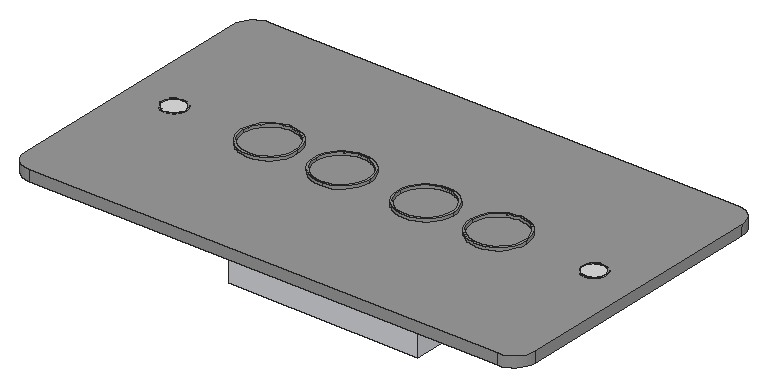
Revit family "ElectricalFixture_WiringAccessories_Hager_Sollysta_FlatSwitchDimmers", category Lighting Fixtures, host Face, Revit 2015
Parameters (values of type "WFDS4BS")
  Warranty ID = ""
  Voltage (Volts) = "230V/240V"
  Unique Reference = "WFDS4BS"
  Type = "ElectricalFixture"
  Technical Description = Description  # "4GangDimmerSwitch250WBrushedSteel"
  Switch = no
  Supply Phase = "1"
  Size = ""
  Shipping Weight kg = "0.188"
  Shape = "Rectangular"
  Reference Standard = "BS 1363-2"
  Product URL = "http://www.hager.co.uk/product-catalogue/wiring-accessories/sollysta/white-moulded/white-moulded-sockets/58428.htm"
  Product Range = "Sollysta"
  Product Model Number = "WFDS4BS"
  Product Literature = "http://www.hager.co.uk/product-catalogue/wiring-accessories/sollysta/38662.htm"
  Product Group = "WiringAccessories"
  Product Family = "DecorativeDimmers_SwitchDimmers"
  Packaging Recyclable = yes
  Overall Width = 0.0 mm
  Overall Length = 146.0 mm
  Overall Height = 86.0 mm
  Overall Depth = 28.521 mm
  Operation and Maintenance Manual = ""
  Name = "DecorativeDimmers_WFD43BS"
  Measurement Units = "mm"
  Material = Hager_BrushedSteel
  Manufacturer Website = "http://www.hager.co.uk/"
  Manufacturer Country = "United Kingdom"
  Manufacturer = "Hager"
  LED Indicator Switch = no
  Gross Weight kg = "0.165"
  Frequency = "50/60Hz"
  Finish = "Brushed"
  Features = Description  # "4GangDimmerSwitch250WBrushedSteel"
  Extrusion From Wall = 3.0 mm  # constant formula
  Expected Life = "25 years"
  EAN Code = "5015654793050"
  Design Country = "China"
  Description = "4GangDimmerSwitch250WBrushedSteel"
  Default Elevation = 1219.2 mm
  Colour = "BrushedSteel"
  CE Approval = yes
  4 Gang = yes
  3 Gang = no
  2 Gang = yes
  1 Gang = no
Types (16, lengths in mm): name | Unique Reference | Technical Description | Product Model Number | Overall Length | Overall Depth | Name | Material | Finish | Features | EAN Code | Description | Colour | 4 Gang | 3 Gang | 2 Gang | 1 Gang
  WFDS1PS | "WFDS1PS" | "1GangDimmerSwitch400WPolishedSteel" | "WFDS1PS" | 86.0 | 28.521 | "DecorativeDimmers_WFDS1PS" | Hager_PolishedSteel | "Polished" | "1GangDimmerSwitch400WPolishedSteel" | "5015654793005" | "1GangDimmerSwitch400WPolishedSteel" | "PolishedSteel" | no | no | no | yes
  WFDS2PS | "WFDS2PS" | "2GangDimmerSwitch250WPolishedSteel" | "WFDS2PS" | 86.0 | 26.07 | "DecorativeDimmers_WFDS2PS" | Hager_PolishedSteel | "Polished" | "2GangDimmerSwitch250WPolishedSteel" | "5015654793029" | "2GangDimmerSwitch250WPolishedSteel" | "PolishedSteel" | no | no | yes | no
  WFDS1BS | "WFDS1BS" | "1GangDimmerSwitch400WBrushedSteel" | "WFDS1BS" | 86.0 | 28.521 | "DecorativeDimmers_WFDS1BS" | Hager_BrushedSteel | "Brushed" | "1GangDimmerSwitch400WBrushedSteel" | "5015654792992" | "1GangDimmerSwitch400WBrushedSteel" | "BrushedSteel" | no | no | no | yes
  WFDS1PB | "WFDS1PB" | "1GangDimmerSwitch400WPolishedBrass" | "WFDS1PB" | 86.0 | 28.521 | "DecorativeDimmers_WFDS1PB" | Hager_PolishedBrass | "Polished" | "1GangDimmerSwitch400WPolishedBrass" | "5015654740955" | "1GangDimmerSwitch400WPolishedBrass" | "PolishedBrass" | no | no | no | yes
  WFDS1BN | "WFDS1PS" | "1GangDimmerSwitch400WBlackNickel" | "WFDS1BN" | 86.0 | 28.521 | "DecorativeDimmers_WFDS1BN" | Hager_BlackNickel | "Polished" | "1GangDimmerSwitch400WBlackNickel" | "5015654740986" | "1GangDimmerSwitch400WBlackNickel" | "BlackNickel" | no | no | no | yes
  WFDS3BS | "WFDS3BS" | "3GangDimmerSwitch250WBrushedSteel" | "WFDS3BS" | 146.0 | 28.521 | "DecorativeDimmers_WFDS3BS" | Hager_BrushedSteel | "Brushed" | "3GangDimmerSwitch250WBrushedSteel" | "5015654793036" | "3GangDimmerSwitch250WBrushedSteel" | "BrushedSteel" | no | yes | no | yes
  WFDS2PB | "WFDS2PB" | "2GangDimmerSwitch250WPolishedBrass" | "WFDS1PB" | 86.0 | 28.521 | "DecorativeDimmers_WFDS2PB" | Hager_PolishedBrass | "Polished" | "2GangDimmerSwitch250WPolishedBrass" | "5015654741037" | "2GangDimmerSwitch250WPolishedBrass" | "PolishedBrass" | no | no | yes | no
  WFDS2BN | "WFDS1PS" | "2GangDimmerSwitch250WBlackNickel" | "WFDS2BN" | 86.0 | 28.521 | "DecorativeDimmers_WFDS2BN" | Hager_BlackNickel | "Polished" | "2GangDimmerSwitch250WBlackNickel" | "5015654741051" | "2GangDimmerSwitch250WBlackNickel" | "BlackNickel" | no | no | yes | no
  WFDS3PS | "WFDS2PS" | "3GangDimmerSwitch250WPolishedSteel" | "WFDS3PS" | 146.0 | 26.07 | "DecorativeDimmers_WFD32PS" | Hager_PolishedSteel | "Polished" | "3GangDimmerSwitch250WPolishedSteel" | "5015654793043" | "3GangDimmerSwitch250WPolishedSteel" | "PolishedSteel" | no | yes | no | yes
  WFDS2BS | "WFDS3BS" | "2GangDimmerSwitch250WBrushedSteel" | "WFDS2BS" | 86.0 | 28.521 | "DecorativeDimmers_WFDS2BS" | Hager_BrushedSteel | "Brushed" | "2GangDimmerSwitch250WBrushedSteel" | "5015654793036" | "2GangDimmerSwitch250WBrushedSteel" | "BrushedSteel" | no | no | yes | no
  WFDS3PB | "WFDS3PB" | "3GangDimmerSwitch250WPolishedBrass" | "WFDS3PB" | 146.0 | 28.521 | "DecorativeDimmers_WFDS3PB" | Hager_PolishedBrass | "Polished" | "3GangDimmerSwitch250WPolishedBrass" | "5015654741112" | "3GangDimmerSwitch250WPolishedBrass" | "PolishedBrass" | no | yes | no | yes
  WFDS3BN | "WFDS3PS" | "3GangDimmerSwitch250WBlackNickel" | "WFDS3BN" | 146.0 | 28.521 | "DecorativeDimmers_WFDS3BN" | Hager_BlackNickel | "Polished" | "3GangDimmerSwitch250WBlackNickel" | "5015654741136" | "3GangDimmerSwitch250WBlackNickel" | "BlackNickel" | no | yes | no | yes
  WFDS4BN | "WFDS3PS" | "4GangDimmerSwitch250WBlackNickel" | "WFDS4BN" | 146.0 | 28.521 | "DecorativeDimmers_WFDS4BN" | Hager_BlackNickel | "Polished" | "4GangDimmerSwitch250WBlackNickel" | "5015654741211" | "4GangDimmerSwitch250WBlackNickel" | "BlackNickel" | yes | no | yes | no
  WFDS4PS | "WFDS4PS" | "4GangDimmerSwitch250WPolishedSteel" | "WFDS4PS" | 146.0 | 26.07 | "DecorativeDimmers_WFDS4PS" | Hager_PolishedSteel | "Polished" | "4GangDimmerSwitch250WPolishedSteel" | "5015654793067" | "4GangDimmerSwitch250WPolishedSteel" | "PolishedSteel" | yes | no | yes | no
  WFDS4PB | "WFDS3PB" | "4GangDimmerSwitch250WPolishedBrass" | "WFDS4PB" | 146.0 | 28.521 | "DecorativeDimmers_WFDS4PB" | Hager_PolishedBrass | "Polished" | "4GangDimmerSwitch250WPolishedBrass" | "5015654741198" | "4GangDimmerSwitch250WPolishedBrass" | "PolishedBrass" | yes | no | yes | no
  WFDS4BS | "WFDS4BS" | "4GangDimmerSwitch250WBrushedSteel" | "WFDS4BS" | 146.0 | 28.521 | "DecorativeDimmers_WFD43BS" | Hager_BrushedSteel | "Brushed" | "4GangDimmerSwitch250WBrushedSteel" | "5015654793050" | "4GangDimmerSwitch250WBrushedSteel" | "BrushedSteel" | yes | no | yes | no
Reference planes
  plane 1 "Center (Front/Back)": y = 0
  plane 2: z = 0
  plane 3 "Center (Left/Right)": x = 434
  plane 4: y = -43
  plane 5: y = 43
  plane 6: x = -137
  plane 7: x = 9
  plane 8: z = 3
  plane 9: z = -25.521
  plane 10: z = 3
  plane 11: y = -471.393
  plane 12: z = -20.53
  plane 13: x = -124.15
  plane 14: x = -3.85
  plane 15: x = -64
  plane 16: x = -100.5
  plane 17: x = -27.5
  plane 18: z = 3.764
Forms (mm)
  Extrusion 1, solid, material "Hager_BrushedSteel" <- "Material", detail levels fine
    sketch origin (0, 0, 0) x (1, 0, 0) y (0, 1, 0)
      loop
        arc (-137, -37.005) -> (-135.244, -41.244) -> (-131.005, -43) r 5.995
        line (-131.005, -43) -> (2.983, -43)
        arc (2.983, -43) -> (7.238, -41.238) -> (9, -36.983) r 6.017
        line (9, -36.983) -> (9, 37.035)
        arc (9, 37.035) -> (7.253, 41.253) -> (3.035, 43) r 5.965
        line (3.035, 43) -> (-131.018, 43)
        arc (-131.018, 43) -> (-135.248, 41.248) -> (-137, 37.018) r 5.982
        line (-137, 37.018) -> (-137, -37.005)
      loop
        circle (-124.15, 0) r 3.228
      loop
        circle (-3.85, 0) r 3.228
    from 0 to 3
  Extrusion 2, solid, material "Steel, Chrome Plated", detail levels fine
    sketch origin (0, 0, 0) x (1, 0, 0) y (0, 1, 0)
      loop
        circle (-124.15, 0) r 3.542
    from -1.167 to 3
  Extrusion 3, solid, material "Steel, Chrome Plated", detail levels fine
    sketch origin (0, 0, 0) x (-1, 0, 0) y (0, -1, 0)
      loop
        circle (3.85, 0) r 3.542
    from -1.167 to 3
  Extrusion 4, solid, material "Hager_BrushedSteel" <- "Material", detail levels medium
    sketch origin (0, 0, 0) x (1, 0, 0) y (0, 1, 0)
      loop
        line (-137, 43) -> (-137, -43) -> (9, -43) -> (9, 43) -> (-137, 43)
    from 0 to 3
  Extrusion 5, solid, material "Hager_BrushedSteel" <- "Material", detail levels medium
    sketch origin (0, 0, 0) x (1, 0, 0) y (0, 1, 0)
      loop
        line (-137, -43) -> (9, -43) -> (9, 43) -> (-137, 43) -> (-137, -43)
    from 0 to 3
  Extrusion 6, solid, material "Hager_BrushedSteel" <- "Material", visible <- "1 Gang", detail levels fine
    sketch origin (0, 0, 0) x (1, 0, 0) y (0, 1, 0)
      loop
        circle (-64, 0) r 8
      loop
        circle (-64, 0) r 7.5
    from 3 to 3.764
  Extrusion 7, solid, material "Hager_BrushedSteel" <- "Material", visible <- "2 Gang", detail levels fine
    sketch origin (-12, 0, 0) x (1, 0, 0) y (0, 1, 0)
      loop
        circle (-64, 0) r 8
      loop
        circle (-64, 0) r 7.5
    from 3 to 3.764
  Extrusion 8, solid, material "Hager_BrushedSteel" <- "Material", visible <- "2 Gang", detail levels fine
    sketch origin (12, 0, 0) x (1, 0, 0) y (0, 1, 0)
      loop
        circle (-64, 0) r 8
      loop
        circle (-64, 0) r 7.5
    from 3 to 3.764
  Extrusion 9, solid, material "Hager_BrushedSteel" <- "Material", visible <- "3 Gang", detail levels fine
    sketch origin (-36.034, 0, 0) x (1, 0, 0) y (0, 1, 0)
      loop
        circle (-64.466, 0) r 8
      loop
        circle (-64.466, 0) r 7.5
    from 3 to 3.764
  Extrusion 10, solid, material "Hager_BrushedSteel" <- "Material", visible <- "3 Gang", detail levels fine
    sketch origin (39.65, 0, 0) x (1, 0, 0) y (0, 1, 0)
      loop
        circle (-67.15, 0) r 8
      loop
        circle (-67.15, 0) r 7.5
    from 3 to 3.764
  Extrusion 11, solid, material "Hager_BrushedSteel" <- "Material", visible <- "4 Gang", detail levels fine
    sketch origin (36, 0, 0) x (1, 0, 0) y (0, 1, 0)
      loop
        circle (-67.15, 0) r 8
      loop
        circle (-67.15, 0) r 7.5
    from 3 to 3.764
  Extrusion 12, solid, material "Hager_BrushedSteel" <- "Material", visible <- "4 Gang", detail levels fine
    sketch origin (-160.384, 0, 0) x (-1, 0, 0) y (0, -1, 0)
      loop
        circle (-63.534, 0) r 8
      loop
        circle (-63.534, 0) r 7.5
    from 3 to 3.764
  Extrusion 13, solid
    sketch origin (0, 0, 0) x (1, 0, 0) y (0, 1, 0)
      loop
        line (-90.115, 22.025) -> (-90.115, -22.975) -> (-36, -22.975) -> (-36, 22.025) -> (-90.115, 22.025)
    from -20.53 to 0
Lines and regions (mm)
  model lines, detail levels coarse
    curve 1: line (-137, 43, 0) -> (9, 43, 0)
    curve 2: line (-137, -43, 0) -> (-137, 43, 0)
    curve 3: line (9, -43, 0) -> (-137, -43, 0)
    curve 4: line (9, 43, 0) -> (9, -43, 0)
    curve 5: arc (-120.108, 0, 0) -> (-124.15, -4.042, 0) -> (-128.192, 0, 0) r 4.042
    curve 6: arc (-128.192, 0, 0) -> (-124.15, 4.042, 0) -> (-120.108, 0, 0) r 4.042
    curve 7: arc (0.192, 0, 0) -> (-3.85, -4.042, 0) -> (-7.892, 0, 0) r 4.042
    curve 8: arc (-7.892, 0, 0) -> (-3.85, 4.042, 0) -> (0.192, 0, 0) r 4.042
  model lines, visible <- "3 Gang"
    curve 9: arc (-92.5, 0, 0) -> (-100.5, 8, 0) -> (-108.5, 0, 0) r 8
    curve 10: arc (-108, 0, 0) -> (-100.5, 7.5, 0) -> (-93, 0, 0) r 7.5
    curve 11: arc (-108.5, 0, 0) -> (-100.5, -8, 0) -> (-92.5, 0, 0) r 8
    curve 12: arc (-93, 0, 0) -> (-100.5, -7.5, 0) -> (-108, 0, 0) r 7.5
    curve 33: arc (-35.5, 0, 0) -> (-27.5, -8, 0) -> (-19.5, 0, 0) r 8
    curve 34: arc (-20, 0, 0) -> (-27.5, -7.5, 0) -> (-35, 0, 0) r 7.5
    curve 35: arc (-35, 0, 0) -> (-27.5, 7.5, 0) -> (-20, 0, 0) r 7.5
    curve 36: arc (-19.5, 0, 0) -> (-27.5, 8, 0) -> (-35.5, 0, 0) r 8
  model lines, visible <- "4 Gang"
    curve 13: arc (-104.85, 0, 0) -> (-96.85, -8, 0) -> (-88.85, 0, 0) r 8
    curve 14: arc (-89.35, 0, 0) -> (-96.85, -7.5, 0) -> (-104.35, 0, 0) r 7.5
    curve 15: arc (-104.35, 0, 0) -> (-96.85, 7.5, 0) -> (-89.35, 0, 0) r 7.5
    curve 16: arc (-88.85, 0, 0) -> (-96.85, 8, 0) -> (-104.85, 0, 0) r 8
    curve 29: arc (-38.65, 0, 0) -> (-31.15, 7.5, 0) -> (-23.65, 0, 0) r 7.5
    curve 30: arc (-23.15, 0, 0) -> (-31.15, 8, 0) -> (-39.15, 0, 0) r 8
    curve 31: arc (-39.15, 0, 0) -> (-31.15, -8, 0) -> (-23.15, 0, 0) r 8
    curve 32: arc (-23.65, 0, 0) -> (-31.15, -7.5, 0) -> (-38.65, 0, 0) r 7.5
  model lines, visible <- "2 Gang"
    curve 17: arc (-83.5, 0, 0) -> (-76, 7.5, 0) -> (-68.5, 0, 0) r 7.5
    curve 18: arc (-68, 0, 0) -> (-76, 8, 0) -> (-84, 0, 0) r 8
    curve 19: arc (-84, 0, 0) -> (-76, -8, 0) -> (-68, 0, 0) r 8
    curve 20: arc (-68.5, 0, 0) -> (-76, -7.5, 0) -> (-83.5, 0, 0) r 7.5
    curve 25: arc (-60, 0, 0) -> (-52, -8, 0) -> (-44, 0, 0) r 8
    curve 26: arc (-44.5, 0, 0) -> (-52, -7.5, 0) -> (-59.5, 0, 0) r 7.5
    curve 27: arc (-59.5, 0, 0) -> (-52, 7.5, 0) -> (-44.5, 0, 0) r 7.5
    curve 28: arc (-44, 0, 0) -> (-52, 8, 0) -> (-60, 0, 0) r 8
  model lines, visible <- "1 Gang"
    curve 21: arc (-72, 0, 0) -> (-64, -8, 0) -> (-56, 0, 0) r 8
    curve 22: arc (-56.5, 0, 0) -> (-64, -7.5, 0) -> (-71.5, 0, 0) r 7.5
    curve 23: arc (-71.5, 0, 0) -> (-64, 7.5, 0) -> (-56.5, 0, 0) r 7.5
    curve 24: arc (-56, 0, 0) -> (-64, 8, 0) -> (-72, 0, 0) r 8
  symbolic lines
    curve 37: circle (-73.006, -504.912, 52.266) r 16.513 normal (0, -1, 0)
    curve 38: line (-124.15, -504.912, 12.308) -> (-29.589, -504.912, 86.187)
    curve 39: line (-3.85, -504.912, 106.297) -> (-36.908, -504.912, 95.556)
    curve 40: line (-3.85, -504.912, 106.297) -> (-22.27, -504.912, 76.819)
    curve 41: line (-22.27, -504.912, 76.819) -> (-36.908, -504.912, 95.556)
Dimensions and locks
  plane 10 to plane 9 = 28.521 mm
  plane 8 to plane 9 = 28.521 mm
  plane 2 to plane 9 = 25.521 mm
  "Overall Length": plane 6 to plane 7
  "Overall Height": plane 4 to plane 5
  "Overall Depth": plane 9 to plane 8
  plane 2 to plane 10 = 3.0 mm
  locked: plane 6 to plane 13 at 12.85
  locked: plane 14 to plane 7 at 12.85
  equal spacing: plane 6, plane 16, plane 15, plane 17, plane 7
  "Extrusion From Wall": plane 10 to host face
  locked: plane 18 to plane 10 at 0.764
  aligned and locked: plane 2 to host face
  aligned and locked: level to host face
  aligned and locked: Extrusion 1 to plane 8
  aligned and locked: Extrusion 4 to plane 8
  aligned and locked: Extrusion 5 to level
  aligned and locked: curve 9 to Extrusion 9
  aligned and locked: curve 10 to Extrusion 9
  aligned and locked: curve 11 to Extrusion 9
  aligned and locked: curve 12 to Extrusion 9
  aligned and locked: curve 13 to Extrusion 12
  aligned and locked: curve 14 to Extrusion 12
  aligned and locked: curve 15 to Extrusion 12
  aligned and locked: curve 16 to Extrusion 12
  aligned and locked: curve 17 to Extrusion 7
  aligned and locked: curve 18 to Extrusion 7
  aligned and locked: curve 19 to Extrusion 7
  aligned and locked: curve 20 to Extrusion 7
  aligned and locked: curve 21 to Extrusion 6
  aligned and locked: curve 22 to Extrusion 6
  aligned and locked: curve 23 to Extrusion 6
  aligned and locked: curve 24 to Extrusion 6
  aligned and locked: curve 25 to Extrusion 8
  aligned and locked: curve 26 to Extrusion 8
  aligned and locked: curve 27 to Extrusion 8
  aligned and locked: curve 28 to Extrusion 8
  aligned and locked: curve 29 to Extrusion 11
  aligned and locked: curve 30 to Extrusion 11
  aligned and locked: curve 31 to Extrusion 11
  aligned and locked: curve 32 to Extrusion 11
  aligned and locked: curve 33 to Extrusion 10
  aligned and locked: curve 34 to Extrusion 10
  aligned and locked: curve 35 to Extrusion 10
  aligned and locked: curve 36 to Extrusion 10
  aligned and locked: plane 12 to Extrusion 13
  aligned and locked: level to Extrusion 13
  aligned and locked: Extrusion 2 to plane 8
  aligned and locked: plane 18 to Extrusion 11
  aligned and locked: plane 18 to Extrusion 10
  aligned and locked: plane 10 to Extrusion 10
  aligned and locked: plane 18 to Extrusion 9
  aligned and locked: plane 18 to Extrusion 12
  aligned and locked: plane 18 to Extrusion 7
  aligned and locked: plane 18 to Extrusion 6
  aligned and locked: plane 18 to Extrusion 8
  aligned and locked: plane 10 to Extrusion 8
  aligned and locked: plane 10 to Extrusion 6
  aligned and locked: plane 10 to Extrusion 7
  aligned and locked: plane 10 to Extrusion 12
  aligned and locked: plane 10 to Extrusion 9
  aligned and locked: Extrusion 3 to plane 8
  aligned and locked: Extrusion 1 to Extrusion 2
  aligned and locked: plane 10 to Extrusion 11
Automatic sketch dimensions
  host sketch curve to host sketch curve = 2438.4 mm  (x2)
  Extrusion 1 sketch curve to plane 6 = 0.0 mm
  plane 5 to Extrusion 1 sketch curve = 0.0 mm
  plane 4 to Extrusion 1 sketch curve = 0.0 mm
  plane 1 "Center (Front/Back)" to Extrusion 1 sketch curve = 0.0 mm  (x2)
  Extrusion 1 sketch curve to plane 13 = 0.0 mm
  Extrusion 1 sketch curve to plane 14 = 0.0 mm
  plane 6 to Extrusion 1 sketch curve = 5.982 mm
  Extrusion 1 sketch curve to plane 4 = 5.995 mm
  Extrusion 1 sketch curve to plane 7 = 6.017 mm
  Extrusion 1 sketch curve to plane 7 = 5.965 mm
  plane 7 to Extrusion 1 sketch curve = 0.0 mm
  Extrusion 2 sketch curve to Extrusion 2 sketch curve = 0.0 mm  (x2)
  plane 1 "Center (Front/Back)" to Extrusion 2 sketch curve = 0.0 mm
  Extrusion 2 sketch curve to plane 13 = 0.0 mm
  Extrusion 2 sketch curve to plane 13 = 3.542 mm
  Extrusion 3 sketch curve to Extrusion 3 sketch curve = 0.0 mm  (x2)
  plane 1 "Center (Front/Back)" to Extrusion 3 sketch curve = 0.0 mm
  plane 14 to Extrusion 3 sketch curve = 0.0 mm
  Extrusion 3 sketch curve to plane 14 = 3.542 mm
  plane 4 to Extrusion 4 sketch curve = 0.0 mm
  Extrusion 4 sketch curve to plane 6 = 0.0 mm
  Extrusion 4 sketch curve to plane 7 = 0.0 mm
  plane 5 to Extrusion 4 sketch curve = 0.0 mm
  plane 5 to Extrusion 5 sketch curve = 0.0 mm
  Extrusion 5 sketch curve to plane 6 = 0.0 mm
  Extrusion 5 sketch curve to plane 7 = 0.0 mm
  plane 4 to Extrusion 5 sketch curve = 0.0 mm
  curve 5 to curve 6 = 0.0 mm  (x2)
  curve 7 to curve 8 = 0.0 mm  (x2)
  plane 4 to curve 3 = 0.0 mm
  curve 3 to plane 6 = 0.0 mm
  plane 1 "Center (Front/Back)" to curve 5 = 0.0 mm
  curve 6 to plane 13 = 0.0 mm
  plane 1 "Center (Front/Back)" to curve 7 = 0.0 mm
  curve 8 to plane 14 = 0.0 mm
  curve 3 to plane 7 = 0.0 mm
  plane 5 to curve 2 = 0.0 mm
  curve 5 to curve 5 = 4.042 mm
  curve 7 to curve 7 = 4.042 mm
  Extrusion 6 sketch curve to Extrusion 6 sketch curve = 0.0 mm  (x2)
  plane 1 "Center (Front/Back)" to Extrusion 6 sketch curve = 0.0 mm
  Extrusion 6 sketch curve to plane 15 = 0.0 mm
  Extrusion 7 sketch curve to Extrusion 7 sketch curve = 0.0 mm  (x2)
  plane 1 "Center (Front/Back)" to Extrusion 7 sketch curve = 0.0 mm
  Extrusion 7 sketch curve to plane 15 = 12.0 mm
  Extrusion 8 sketch curve to Extrusion 8 sketch curve = 0.0 mm  (x2)
  plane 1 "Center (Front/Back)" to Extrusion 8 sketch curve = 0.0 mm
  plane 15 to Extrusion 8 sketch curve = 12.0 mm
  Extrusion 9 sketch curve to Extrusion 9 sketch curve = 0.0 mm  (x2)
  plane 1 "Center (Front/Back)" to Extrusion 9 sketch curve = 0.0 mm
  Extrusion 9 sketch curve to plane 16 = 0.0 mm
  Extrusion 10 sketch curve to Extrusion 10 sketch curve = 0.0 mm  (x2)
  plane 1 "Center (Front/Back)" to Extrusion 10 sketch curve = 0.0 mm
  Extrusion 10 sketch curve to plane 17 = 0.0 mm
  Extrusion 11 sketch curve to Extrusion 11 sketch curve = 0.0 mm  (x2)
  plane 1 "Center (Front/Back)" to Extrusion 11 sketch curve = 0.0 mm
  Extrusion 11 sketch curve to plane 17 = 3.65 mm
  Extrusion 12 sketch curve to Extrusion 12 sketch curve = 0.0 mm  (x2)
  plane 1 "Center (Front/Back)" to Extrusion 12 sketch curve = 0.0 mm
  Extrusion 12 sketch curve to plane 16 = 3.65 mm
  Extrusion 13 sketch curve to plane 17 = 8.5 mm
  plane 16 to Extrusion 13 sketch curve = 10.385 mm
  plane 5 to Extrusion 13 sketch curve = 20.975 mm
  Extrusion 13 sketch curve to plane 4 = 20.025 mm
  curve 38 to plane 13 = 0.0 mm
  curve 39 to plane 14 = 0.0 mm
  curve 37 to plane 15 = 9.006 mm
  curve 38 to plane 17 = 2.089 mm
  plane 17 to curve 40 = 5.23 mm
  plane 18 to curve 38 = 8.544 mm
  curve 37 to curve 41 = 24.553 mm
  curve 41 to curve 38 = 9.368 mm
  curve 38 to curve 39 = 9.368 mm
  curve 38 to curve 39 = 20.109 mm
  radius of Extrusion 1 sketch curve = 3.228 mm  (x2)
  radius of Extrusion 6 sketch curve = 8.0 mm
  radius of Extrusion 6 sketch curve = 7.5 mm
  radius of Extrusion 7 sketch curve = 8.0 mm
  radius of Extrusion 7 sketch curve = 7.5 mm
  radius of Extrusion 8 sketch curve = 8.0 mm
  radius of Extrusion 8 sketch curve = 7.5 mm
  radius of Extrusion 9 sketch curve = 8.0 mm
  radius of Extrusion 9 sketch curve = 7.5 mm
  radius of Extrusion 10 sketch curve = 8.0 mm
  radius of Extrusion 10 sketch curve = 7.5 mm
  radius of Extrusion 11 sketch curve = 8.0 mm
  radius of Extrusion 11 sketch curve = 7.5 mm
  radius of Extrusion 12 sketch curve = 8.0 mm
  radius of Extrusion 12 sketch curve = 7.5 mm
  radius of curve 37 = 16.513 mm
Connectors
  electrical at (-64.001, 0.008, 0)
    settings: on Extrusion 1, index 1, voltage 230 V, apparent load 0 VA, apparent load phase1 0 VA, apparent load phase2 0 VA, apparent load phase3 0 VA, power factor 1, load classification "Other", number of poles 1, system type 31, power factor state 1, is connector primary yes, connector utility no, sub classification motor no, connector description ""
